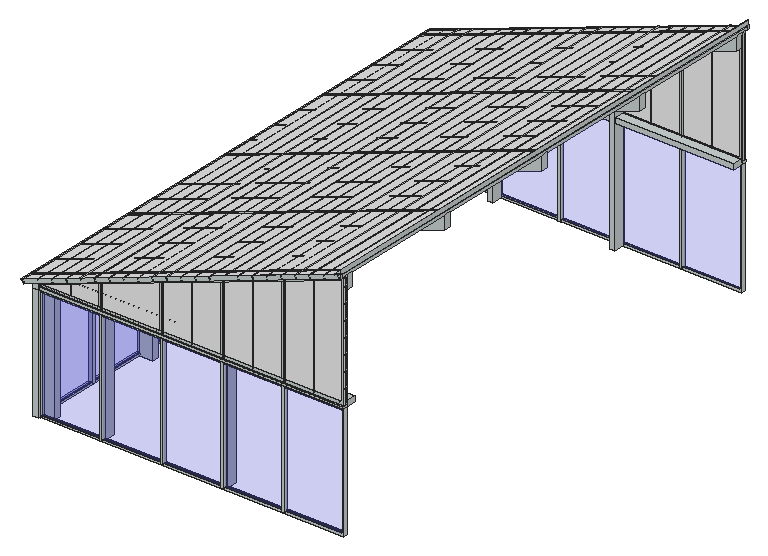
Revit family "Lean-To Shed Enclosure", category Generic Models, Revit 2018 (continued)
Definition of nested family "Lean-To Shed Enclosure Roof Panels"
  Forms (in)
    Sweep 8, solid, material <- "CRF"
      path origin (0, 0, 0) x (1, 0, 0) y (0, 1, 0)
        loop
          line (1976, -36) -> (1976, 1080) -> (1200, 1080) -> (1200, -36) -> (1104, -36) -> (1104, 1080) -> (1008, 1080) -> (1008, -36) -> (912, -36) -> (912, 1080) -> (816, 1080) -> (816, -36) -> (720, -36) -> (720, 1080) -> (624, 1080) -> (624, -36) -> (528, -36) -> (528, 1080) -> (432, 1080) -> (432, -36) -> (336, -36) -> (336, 1080) -> (240, 1080) -> (240, -36) -> (144, -36) -> (144, 1080) -> (48, 1080) -> (48, -36) -> (-48, -36) -> (-48, 1080) -> (-144, 1080) -> (-144, -36) -> (-240, -36) -> (-240, 1080) -> (-336, 1080) -> (-336, -36) -> (-432, -36) -> (-432, 1080) -> (-528, 1080) -> (-528, -36) -> (-624, -36) -> (-624, 1080) -> (-720, 1080) -> (-720, -36) -> (-816, -36) -> (-816, 1080) -> (-912, 1080) -> (-912, -36) -> (-1008, -36) -> (-1008, 1080) -> (-1104, 1080) -> (-1104, -36) -> (-1200, -36) -> (-1200, 1080) -> (-1976, 1080) -> (-1976, -36)
      profile origin (-1976, 522, 0) x (1, 0, 0) y (0, 0, 1)
        loop
          line (-1, 2.876) -> (-1, -0.125) -> (1, -0.125) -> (1, 2.876) -> (-1, 2.876)
    Extrusion 9, solid, material <- "CRF"
      sketch origin (0, 0, 0) x (0, 1, 0) y (0, 0, 1)
        loop
          line (0, 2.688) -> (-1.75, 2.688) -> (-1.75, 2.563) -> (-0.125, 2.563) -> (-0.125, -0.125) -> (0.5, -0.125) -> (0.5, 0) -> (0, 0) -> (0, 2.688)
      from -1976 to 1976
  Cuts and joins
    Extrusion 5, Extrusion 6 cuts Sweep 4
    Extrusion 5, Extrusion 6 cuts Sweep 3
    Extrusion 5 cuts Extrusion 2
    Extrusion 5, Extrusion 6 cuts Extrusion 1
    Extrusion 5 cuts Sweep 7
    Extrusion 5, Extrusion 6 cuts Sweep 8
    Extrusion 5 cuts Extrusion 9
  Lines and regions (in)
    reference lines
      curve 1: line (-100, 0, 0) -> (-100, 318, 0)
      curve 2: line (100, 0, 0) -> (100, 456, 0)
  Dimensions and locks (in)
    locked: plane 1 "Center (Front/Back)" to curve 1
    locked: plane 4 "Left Panel" to curve 1
    locked: plane 5 "Right Panel" to curve 2
    locked: plane 1 "Center (Front/Back)" to curve 2 at 0
    "Panel Skin Thickness": plane 6 to plane 2
    "IBeam Thickness": plane 7 to plane 6
    "Panel Skin Thickness": plane 8 to plane 7
    "Half Horizontal PD": plane 4 "Left Panel" to plane 3 "Center (Left/Right)"
    "Half Horizontal PD": plane 3 "Center (Left/Right)" to plane 5 "Right Panel"
    "Overlap Width": plane 1 "Center (Front/Back)" to plane 9
    locked: plane 10 "Left Outside" to plane 3 "Center (Left/Right)" at 2000
    locked: plane 3 "Center (Left/Right)" to plane 11 "Right Outside" at 2000
    "Half IBeam Width": plane 1 "Center (Front/Back)" to plane 12
    locked: plane 1 "Center (Front/Back)" to plane 13 "Max Top PD" at 1080
    equal spacing: Sweep 3 sketch curve, profile plane, Sweep 3 sketch curve
    "IBeam Width": Sweep 3 sketch curve to Sweep 3 sketch curve
    "IBeam Width": Sweep 4 sketch curve to Sweep 4 sketch curve
    equal spacing: Sweep 4 sketch curve, plane 12, Sweep 4 sketch curve
    "Batten Thickness": plane 60 to plane 8
    "Batten Thickness": plane 2 to plane 61
    locked: plane 62 "Bot Max" to plane 1 "Center (Front/Back)" at 36
    locked: plane 63 "Bot Outside" to plane 1 "Center (Front/Back)" at 48
    "Vertical Grid Spacing": plane 102 to plane 101 to plane 100 to plane 99 to plane 98 to plane 97 to plane 96 to plane 95 to plane 94 to plane 93 to plane 92 to plane 91 to plane 90 to plane 89 to plane 88 to plane 87 to plane 86 to plane 85 to plane 84 to plane 83 to plane 82 to plane 81 to plane 80 to plane 79 to plane 78 to plane 77 to plane 76 to plane 75 to plane 74 to plane 73 to plane 72 to plane 71 to plane 70 to plane 69 to plane 68 to plane 59 to plane 58 to plane 57 to plane 56 to plane 55 to plane 54 to plane 53 to plane 52 to plane 51 to plane 12
    "Overlap Offset": Sweep 7 sketch curve to plane 55
    "Overlap Offset": plane 68 to Sweep 7 sketch curve
    "Overlap Offset": plane 73 to Sweep 7 sketch curve
    "Overlap Offset": plane 78 to Sweep 7 sketch curve
    "Overlap Offset": plane 83 to Sweep 7 sketch curve
    "Overlap Offset": Sweep 7 sketch curve to plane 88
    "Overlap Offset": plane 93 to Sweep 7 sketch curve
    "Overlap Offset": Sweep 7 sketch curve to plane 98
    "Overlap Offset": plane 13 "Max Top PD" to Sweep 7 sketch curve
    equal spacing: Sweep 7 sketch curve, profile plane, Sweep 7 sketch curve
    "Overlap Width": Sweep 7 sketch curve to Sweep 7 sketch curve
    locked: plane 10 "Left Outside" to plane 14 "Max Left PD" at 24
    locked: plane 15 "Max Right PD" to plane 11 "Right Outside" at 24
    locked: plane 16 "Top Outside" to plane 13 "Max Top PD" at 24
    "Vertical Grid Spacing": plane 102 to plane 127 to plane 128 to plane 129 to plane 130 to plane 131 to plane 132 to plane 133 to plane 134 to plane 135 to plane 136 to plane 137 to plane 140 to plane 138 to plane 139 to plane 141 to plane 142 to plane 144 to plane 143 to plane 146 to plane 145 to plane 147
    "Vertical Grid Spacing": plane 147 to plane 149 to plane 148 to plane 150 to plane 151 to plane 152 to plane 153 to plane 154 to plane 155 to plane 156 to plane 157 to plane 158 to plane 162 to plane 159 to plane 160 to plane 161
    "Overlap Offset": Sweep 7 sketch curve to plane 127
    "Overlap Offset": plane 132 to Sweep 7 sketch curve
    "Overlap Offset": Sweep 7 sketch curve to plane 137
    "Overlap Offset": Sweep 7 sketch curve to plane 142
    "Overlap Offset": Sweep 7 sketch curve to plane 147
    "Overlap Offset": Sweep 7 sketch curve to plane 152
    "Overlap Offset": plane 157 to Sweep 7 sketch curve
    "Overlap Offset": Sweep 7 sketch curve to plane 161
    "Vertical PD": plane 203 to plane 12
    "Batten Offset": plane 216 to plane 3 "Center (Left/Right)"
    "Bay Spacing": plane 204 to plane 205 to plane 206 to plane 207 to plane 208 to plane 209 to plane 210 to plane 211 to plane 212 to plane 213 to plane 214 to plane 215 to plane 216
    "Bay Spacing": plane 216 to plane 217 to plane 218 to plane 219 to plane 220 to plane 221 to plane 222 to plane 223 to plane 224 to plane 225 to plane 226 to plane 227 to plane 228
    equal spacing: Sweep 8 sketch curve, profile plane, Sweep 8 sketch curve
    "Batten Width": Sweep 8 sketch curve to Sweep 8 sketch curve
    "Bay Spacing": plane 228 to plane 229
    locked: Extrusion 9 sketch curve to Extrusion 9 sketch curve at 0.125  (x3)
    locked: Extrusion 9 sketch curve to Extrusion 9 sketch curve at 0.5
    "Grid Offset": plane 230 to plane 3 "Center (Left/Right)"
    "Horizontal Grid Spacing": plane 199 to plane 198 to plane 197 to plane 192 to plane 191 to plane 190 to plane 189 to plane 184 to plane 183 to plane 182 to plane 181 to plane 171 to plane 170 to plane 169 to plane 168 to plane 167 to plane 166 to plane 165 to plane 164 to plane 163 to plane 114 to plane 113 to plane 112 to plane 111 to plane 110 to plane 109 to plane 108 to plane 107 to plane 106 to plane 105 to plane 104 to plane 103 to plane 65 to plane 64 to plane 43 to plane 42 to plane 41 to plane 40 to plane 39 to plane 38 to plane 37 to plane 35 to plane 34 to plane 24 to plane 23 to plane 22 to plane 21 to plane 20 to plane 19 to plane 18 to plane 17 to plane 230
    "Horizontal Grid Spacing": plane 230 to plane 25 to plane 26 to plane 27 to plane 28 to plane 29 to plane 30 to plane 31 to plane 32 to plane 33 to plane 36 to plane 44 to plane 45 to plane 46 to plane 47 to plane 48 to plane 49 to plane 50 to plane 66 to plane 67 to plane 115 to plane 116 to plane 118 to plane 117 to plane 119 to plane 120 to plane 122 to plane 121 to plane 123 to plane 124 to plane 125 to plane 126 to plane 172 to plane 173 to plane 174 to plane 175 to plane 176 to plane 177 to plane 178 to plane 179 to plane 180 to plane 185 to plane 186 to plane 187 to plane 188 to plane 193 to plane 194 to plane 195 to plane 196 to plane 201 to plane 200 to plane 202
    "Panel Angle": angle plane 1 "Center (Front/Back)" to curve 1
    "Panel Angle": angle curve 2 to plane 1 "Center (Front/Back)"
    aligned and locked: level to plane 2
    aligned and locked: Extrusion 1 sketch curve to plane 1 "Center (Front/Back)"
    aligned and locked: plane 2 to Extrusion 1
    aligned and locked: Extrusion 1 to plane 6
    aligned and locked: Extrusion 2 sketch curve to plane 9
    aligned and locked: Extrusion 2 to plane 7
    aligned and locked: Extrusion 2 to plane 8
    aligned and locked: Sweep 3 sketch curve to plane 14 "Max Left PD"
    aligned and locked: Sweep 3 sketch curve to plane 13 "Max Top PD"  (x42)
    aligned and locked: Sweep 3 sketch curve to plane 42
    aligned and locked: Sweep 3 sketch curve to plane 41
    aligned and locked: Sweep 3 sketch curve to plane 40
    aligned and locked: Sweep 3 sketch curve to plane 39
    aligned and locked: Sweep 3 sketch curve to plane 38
    aligned and locked: Sweep 3 sketch curve to plane 37
    aligned and locked: Sweep 3 sketch curve to plane 35
    aligned and locked: Sweep 3 sketch curve to plane 34
    aligned and locked: Sweep 3 sketch curve to plane 24
    aligned and locked: Sweep 3 sketch curve to plane 23
    aligned and locked: Sweep 3 sketch curve to plane 22
    aligned and locked: Sweep 3 sketch curve to plane 21
    aligned and locked: Sweep 3 sketch curve to plane 20
    aligned and locked: Sweep 3 sketch curve to plane 19
    aligned and locked: Sweep 3 sketch curve to plane 18
    aligned and locked: Sweep 3 sketch curve to plane 17
    aligned and locked: Sweep 3 sketch curve to plane 25
    aligned and locked: Sweep 3 sketch curve to plane 26
    aligned and locked: Sweep 3 sketch curve to plane 27
    aligned and locked: Sweep 3 sketch curve to plane 28
    aligned and locked: Sweep 3 sketch curve to plane 29
    aligned and locked: Sweep 3 sketch curve to plane 30
    aligned and locked: Sweep 3 sketch curve to plane 31
    aligned and locked: Sweep 3 sketch curve to plane 32
    aligned and locked: Sweep 3 sketch curve to plane 33
    aligned and locked: Sweep 3 sketch curve to plane 36
    aligned and locked: Sweep 3 sketch curve to plane 44
    aligned and locked: Sweep 3 sketch curve to plane 45
    aligned and locked: Sweep 3 sketch curve to plane 46
    aligned and locked: Sweep 3 sketch curve to plane 47
    aligned and locked: Sweep 3 sketch curve to plane 48
    aligned and locked: Sweep 3 sketch curve to plane 49
    aligned and locked: Sweep 3 sketch curve to plane 50
    aligned and locked: Sweep 3 sketch curve to plane 12  (x42)
    aligned and locked: plane 12 to Sweep 3 sketch curve  (x11)
    aligned and locked: Sweep 3 sketch curve to plane 7
    aligned and locked: plane 6 to Sweep 3 sketch curve
    aligned and locked: Extrusion 2 sketch curve to plane 15 "Max Right PD"
    aligned and locked: plane 14 "Max Left PD" to Extrusion 2 sketch curve
    aligned and locked: Extrusion 2 sketch curve to plane 13 "Max Top PD"
    aligned and locked: plane 13 "Max Top PD" to Extrusion 1 sketch curve
    aligned and locked: Extrusion 1 sketch curve to plane 14 "Max Left PD"
    aligned and locked: Extrusion 1 sketch curve to plane 15 "Max Right PD"
    aligned and locked: Sweep 4 sketch curve to plane 12
    aligned and locked: Sweep 4 sketch curve to plane 51
    aligned and locked: Sweep 4 sketch curve to plane 52
    aligned and locked: Sweep 4 sketch curve to plane 53
    aligned and locked: Sweep 4 sketch curve to plane 54
    aligned and locked: Sweep 4 sketch curve to plane 55
    aligned and locked: Sweep 4 sketch curve to plane 56
    aligned and locked: Sweep 4 sketch curve to plane 57
    aligned and locked: Sweep 4 sketch curve to plane 58
    aligned and locked: Sweep 4 sketch curve to plane 59
    aligned and locked: Sweep 4 sketch curve to plane 13 "Max Top PD"
    aligned and locked: plane 15 "Max Right PD" to Sweep 4 sketch curve
    aligned and locked: plane 14 "Max Left PD" to Sweep 4 sketch curve  (x41)
    aligned and locked: Sweep 4 sketch curve to plane 15 "Max Right PD"  (x41)
    aligned and locked: plane 6 to Sweep 4 sketch curve
    aligned and locked: Sweep 4 sketch curve to plane 7
    aligned and locked: Extrusion 5 sketch curve to plane 16 "Top Outside"
    aligned and locked: plane 9 to Extrusion 5 sketch curve
    aligned and locked: Extrusion 5 sketch curve to plane 9
    aligned and locked: Extrusion 5 sketch curve to curve 1
    aligned and locked: Extrusion 5 sketch curve to curve 2
    aligned and locked: Extrusion 5 sketch curve to plane 11 "Right Outside"
    aligned and locked: plane 10 "Left Outside" to Extrusion 5 sketch curve
    aligned and locked: Extrusion 5 to plane 61
    aligned and locked: Extrusion 5 to plane 60
    aligned and locked: Extrusion 6 sketch curve to plane 1 "Center (Front/Back)"
    aligned and locked: plane 11 "Right Outside" to Extrusion 6 sketch curve
    aligned and locked: Extrusion 6 sketch curve to plane 10 "Left Outside"
    aligned and locked: Extrusion 6 sketch curve to plane 63 "Bot Outside"
    aligned and locked: plane 61 to Extrusion 6
    aligned and locked: plane 60 to Extrusion 6
    aligned and locked: Sweep 3 sketch curve to plane 65
    aligned and locked: Sweep 3 sketch curve to plane 64
    aligned and locked: Sweep 3 sketch curve to plane 43
    aligned and locked: Sweep 3 sketch curve to plane 66
    aligned and locked: Sweep 3 sketch curve to plane 67
    aligned and locked: Sweep 3 sketch curve to plane 15 "Max Right PD"
    aligned and locked: plane 13 "Max Top PD" to Sweep 3 sketch curve  (x11)
    aligned and locked: Sweep 4 sketch curve to plane 68
    aligned and locked: Sweep 4 sketch curve to plane 69
    aligned and locked: Sweep 4 sketch curve to plane 70
    aligned and locked: Sweep 4 sketch curve to plane 71
    aligned and locked: Sweep 4 sketch curve to plane 72
    aligned and locked: Sweep 4 sketch curve to plane 73
    aligned and locked: Sweep 4 sketch curve to plane 74
    aligned and locked: Sweep 4 sketch curve to plane 75
    aligned and locked: Sweep 4 sketch curve to plane 76
    aligned and locked: Sweep 4 sketch curve to plane 77
    aligned and locked: Sweep 4 sketch curve to plane 78
    aligned and locked: Sweep 4 sketch curve to plane 79
    aligned and locked: Sweep 4 sketch curve to plane 80
    aligned and locked: Sweep 4 sketch curve to plane 81
    aligned and locked: Sweep 4 sketch curve to plane 82
    aligned and locked: Sweep 4 sketch curve to plane 83
    aligned and locked: Sweep 4 sketch curve to plane 84
    aligned and locked: Sweep 4 sketch curve to plane 85
    aligned and locked: Sweep 4 sketch curve to plane 86
    aligned and locked: Sweep 4 sketch curve to plane 87
    aligned and locked: Sweep 4 sketch curve to plane 88
    aligned and locked: Sweep 4 sketch curve to plane 89
    aligned and locked: Sweep 4 sketch curve to plane 90
    aligned and locked: Sweep 4 sketch curve to plane 91
    aligned and locked: Sweep 4 sketch curve to plane 92
    aligned and locked: Sweep 4 sketch curve to plane 93
    aligned and locked: Sweep 4 sketch curve to plane 94
    aligned and locked: Sweep 4 sketch curve to plane 95
    aligned and locked: Sweep 4 sketch curve to plane 96
    aligned and locked: Sweep 4 sketch curve to plane 97
    aligned and locked: Sweep 4 sketch curve to plane 98
    aligned and locked: Sweep 4 sketch curve to plane 99
    aligned and locked: Sweep 4 sketch curve to plane 100
    aligned and locked: Sweep 4 sketch curve to plane 101
    aligned and locked: Sweep 4 sketch curve to plane 102
    aligned and locked: plane 14 "Max Left PD" to Sweep 7 sketch curve  (x9)
    aligned and locked: Sweep 7 sketch curve to plane 15 "Max Right PD"  (x9)
    aligned and locked: Sweep 7 sketch curve to plane 7
    aligned and locked: Sweep 7 sketch curve to plane 61
    aligned and locked: Sweep 3 sketch curve to plane 103
    aligned and locked: Sweep 3 sketch curve to plane 104
    aligned and locked: Sweep 3 sketch curve to plane 105
    aligned and locked: Sweep 3 sketch curve to plane 106
    aligned and locked: Sweep 3 sketch curve to plane 107
    aligned and locked: Sweep 3 sketch curve to plane 108
    aligned and locked: Sweep 3 sketch curve to plane 109
    aligned and locked: Sweep 3 sketch curve to plane 110
    aligned and locked: Sweep 3 sketch curve to plane 111
    aligned and locked: Sweep 3 sketch curve to plane 112
    aligned and locked: Sweep 3 sketch curve to plane 113
    aligned and locked: Sweep 3 sketch curve to plane 114
    aligned and locked: Sweep 3 sketch curve to plane 115
    aligned and locked: Sweep 3 sketch curve to plane 116
    aligned and locked: Sweep 3 sketch curve to plane 118
    aligned and locked: Sweep 3 sketch curve to plane 117
    aligned and locked: Sweep 3 sketch curve to plane 119
    aligned and locked: Sweep 3 sketch curve to plane 120
    aligned and locked: Sweep 3 sketch curve to plane 122
    aligned and locked: Sweep 3 sketch curve to plane 121
    aligned and locked: Sweep 3 sketch curve to plane 123
    aligned and locked: Sweep 3 sketch curve to plane 124
    aligned and locked: Sweep 3 sketch curve to plane 125
    aligned and locked: Sweep 3 sketch curve to plane 126
    aligned and locked: Sweep 4 sketch curve to plane 127
    aligned and locked: Sweep 4 sketch curve to plane 128
    aligned and locked: Sweep 4 sketch curve to plane 129
    aligned and locked: Sweep 4 sketch curve to plane 130
    aligned and locked: Sweep 4 sketch curve to plane 131
    aligned and locked: Sweep 4 sketch curve to plane 132
    aligned and locked: Sweep 4 sketch curve to plane 133
    aligned and locked: Sweep 4 sketch curve to plane 134
    aligned and locked: Sweep 4 sketch curve to plane 135
    aligned and locked: Sweep 4 sketch curve to plane 136
    aligned and locked: Sweep 4 sketch curve to plane 137
    aligned and locked: Sweep 4 sketch curve to plane 140
    aligned and locked: Sweep 4 sketch curve to plane 138
    aligned and locked: Sweep 4 sketch curve to plane 139
    aligned and locked: Sweep 4 sketch curve to plane 141
    aligned and locked: Sweep 4 sketch curve to plane 142
    aligned and locked: Sweep 4 sketch curve to plane 144
    aligned and locked: Sweep 4 sketch curve to plane 143
    aligned and locked: Sweep 4 sketch curve to plane 146
    aligned and locked: Sweep 4 sketch curve to plane 145
    aligned and locked: Sweep 4 sketch curve to plane 147
    aligned and locked: Sweep 4 sketch curve to plane 149
    aligned and locked: Sweep 4 sketch curve to plane 148
    aligned and locked: Sweep 4 sketch curve to plane 150
    aligned and locked: Sweep 4 sketch curve to plane 151
    aligned and locked: Sweep 4 sketch curve to plane 152
    aligned and locked: Sweep 4 sketch curve to plane 153
    aligned and locked: Sweep 4 sketch curve to plane 154
    aligned and locked: Sweep 4 sketch curve to plane 155
    aligned and locked: Sweep 4 sketch curve to plane 156
    aligned and locked: Sweep 4 sketch curve to plane 157
    aligned and locked: Sweep 4 sketch curve to plane 158
    aligned and locked: Sweep 4 sketch curve to plane 162
    aligned and locked: Sweep 4 sketch curve to plane 159
    aligned and locked: Sweep 4 sketch curve to plane 160
    aligned and locked: Sweep 4 sketch curve to plane 161
    aligned and locked: Sweep 3 sketch curve to plane 163
    aligned and locked: Sweep 3 sketch curve to plane 164
    aligned and locked: Sweep 3 sketch curve to plane 165
    aligned and locked: Sweep 3 sketch curve to plane 166
    aligned and locked: Sweep 3 sketch curve to plane 167
    aligned and locked: Sweep 3 sketch curve to plane 168
    aligned and locked: Sweep 3 sketch curve to plane 169
    aligned and locked: Sweep 3 sketch curve to plane 170
    aligned and locked: Sweep 3 sketch curve to plane 171
    aligned and locked: Sweep 3 sketch curve to plane 181
    aligned and locked: Sweep 3 sketch curve to plane 182
    aligned and locked: Sweep 3 sketch curve to plane 183
    aligned and locked: Sweep 3 sketch curve to plane 189
    aligned and locked: Sweep 3 sketch curve to plane 190
    aligned and locked: Sweep 3 sketch curve to plane 191
    aligned and locked: Sweep 3 sketch curve to plane 192
    aligned and locked: Sweep 3 sketch curve to plane 197
    aligned and locked: Sweep 3 sketch curve to plane 198
    aligned and locked: Sweep 3 sketch curve to plane 199
    aligned and locked: Sweep 3 sketch curve to plane 184
    aligned and locked: Sweep 3 sketch curve to plane 172
    aligned and locked: Sweep 3 sketch curve to plane 173
    aligned and locked: Sweep 3 sketch curve to plane 174
    aligned and locked: Sweep 3 sketch curve to plane 175
    aligned and locked: Sweep 3 sketch curve to plane 176
    aligned and locked: Sweep 3 sketch curve to plane 177
    aligned and locked: Sweep 3 sketch curve to plane 178
    aligned and locked: Sweep 3 sketch curve to plane 179
    aligned and locked: Sweep 3 sketch curve to plane 180
    aligned and locked: Sweep 3 sketch curve to plane 185
    aligned and locked: Sweep 3 sketch curve to plane 186
    aligned and locked: Sweep 3 sketch curve to plane 187
    aligned and locked: Sweep 3 sketch curve to plane 188
    aligned and locked: Sweep 3 sketch curve to plane 193
    aligned and locked: Sweep 3 sketch curve to plane 194
    aligned and locked: Sweep 3 sketch curve to plane 195
    aligned and locked: Sweep 3 sketch curve to plane 196
    aligned and locked: Sweep 3 sketch curve to plane 201
    aligned and locked: Sweep 3 sketch curve to plane 200
    aligned and locked: Sweep 3 sketch curve to plane 202
    aligned and locked: Extrusion 5 sketch curve to plane 203
    aligned and locked: Sweep 8 sketch curve to plane 14 "Max Left PD"
    aligned and locked: Sweep 8 sketch curve to plane 204
    aligned and locked: Sweep 8 sketch curve to plane 205
    aligned and locked: Sweep 8 sketch curve to plane 206
    aligned and locked: Sweep 8 sketch curve to plane 207
    aligned and locked: Sweep 8 sketch curve to plane 208
    aligned and locked: Sweep 8 sketch curve to plane 209
    aligned and locked: Sweep 8 sketch curve to plane 210
    aligned and locked: Sweep 8 sketch curve to plane 211
    aligned and locked: Sweep 8 sketch curve to plane 62 "Bot Max"  (x10)
    aligned and locked: Sweep 8 sketch curve to plane 13 "Max Top PD"  (x14)
    aligned and locked: Sweep 8 sketch curve to plane 60
    aligned and locked: plane 61 to Sweep 8 sketch curve
    aligned and locked: Sweep 8 sketch curve to plane 212
    aligned and locked: Sweep 8 sketch curve to plane 213
    aligned and locked: Sweep 8 sketch curve to plane 214
    aligned and locked: Sweep 8 sketch curve to plane 215
    aligned and locked: Sweep 8 sketch curve to plane 216
    aligned and locked: Sweep 8 sketch curve to plane 217
    aligned and locked: Sweep 8 sketch curve to plane 218
    aligned and locked: Sweep 8 sketch curve to plane 219
    aligned and locked: Sweep 8 sketch curve to plane 220
    aligned and locked: Sweep 8 sketch curve to plane 221
    aligned and locked: Sweep 8 sketch curve to plane 222
    aligned and locked: Sweep 8 sketch curve to plane 223
    aligned and locked: plane 62 "Bot Max" to Sweep 8 sketch curve  (x5)
    aligned and locked: Sweep 8 sketch curve to plane 224
    aligned and locked: Sweep 8 sketch curve to plane 225
    aligned and locked: Sweep 8 sketch curve to plane 226
    aligned and locked: Sweep 8 sketch curve to plane 227
    aligned and locked: Sweep 8 sketch curve to plane 228
    aligned and locked: Sweep 8 sketch curve to plane 15 "Max Right PD"
    aligned and locked: Sweep 8 sketch curve to plane 229
    aligned and locked: Extrusion 9 sketch curve to plane 1 "Center (Front/Back)"
    aligned and locked: plane 2 to Extrusion 9 sketch curve
    aligned and locked: Extrusion 9 sketch curve to plane 9
    aligned and locked: plane 7 to Extrusion 9 sketch curve
    aligned and locked: Extrusion 9 to plane 14 "Max Left PD"
    aligned and locked: Extrusion 9 to plane 15 "Max Right PD"
    aligned and locked: Sweep 3 sketch curve to plane 230
  Automatic sketch dimensions
    Sweep 3 sketch curve to plane 112 = 0' - 0"
Definition of nested family "Lean-To Shed Enclosure Edge Cap"
  Parameters (values of type "Lean-To Shed Enclosure Edge Cap")
    Vertical Offset [instance] = 8' - 0"
    Thickness [instance] = 0' - 0 1/8"
    Span [instance] = 8' - 4"
    Roof Pitch [instance] = 20.00°
    Panel Offset [instance] = 0' 10" / cos(Roof Pitch) + 0' 0 1/8"  # 0' - 10.76678"
    Panel Depth [instance] = 0' - 2 3/4"
    OTOBB Span [instance] = 12' - 6"
    Length [instance] = 16' - 8"
    Leg Length [instance] = 0' - 0 1/2"
    Fake OCD Span [instance] = (Span - 0' 4") * 2  # 16' - 0"
    CRF [instance] = none
  Reference planes (in)
    plane 1 "Center (Front/Back)": y = 0
    plane 2: z = 0
    plane 3 "Center (Left/Right)": x = 0
    plane 4: x = -150
    plane 5: x = 150
    plane 6: y = -100
    plane 7: y = 100
    plane 8: z = 96
    plane 9: z = 3976
    plane 10: y = 100.125
    plane 11: y = -100.125
    plane 12: y = -99.5
    plane 13: y = 99.5
  Forms (in)
    Extrusion 1, solid, material <- "CRF"
      sketch origin (0, 0, 0) x (1, 0, 0) y (0, 0, 1)
        loop
          line (-161.10077, 95.01916) -> (-160.07471, 92.20008) -> (0, 150.46251) -> (0, 153.65505) -> (-161.10077, 95.01916)
      from -100.125 to 100.125
    Extrusion 2, void
      sketch origin (0, 0, 0) x (1, 0, 0) y (0, 0, 1)
        loop
          line (-160.07471, 92.20008) -> (0, 150.46251) -> (0, 153.65505) -> (-161.10077, 95.01916) -> (-160.07471, 92.20008)
      from -99.5 to 99.5
  Cuts and joins
    Extrusion 2 cuts Extrusion 1
  Lines and regions (in)
    reference lines
      curve 1: line (-150, 0, 96) -> (60.55926, 0, 172.6373)
      curve 2: line (-150, 0, 96) -> (-230.03271, 0, 315.88807)
      curve 3: line (-106.44542, 0, -55.14517) -> (-194.68662, 0, 187.29553)
      curve 4: line (-279.02535, 0, 51.9651) -> (161.69049, 0, 212.37255)
      curve 5: line (-234.23934, 0, 65.20637) -> (49.54783, 0, 168.49645)
      curve 6: line (-220.9618, 0, 73.23153) -> (427.42611, 0, 309.22543)
  Dimensions and locks (in)
    equal spacing: plane 7, plane 1 "Center (Front/Back)", plane 6
    "Length": plane 7 to plane 6
    "Vertical Offset": plane 8 to plane 2
    locked: curve 1 to plane 8
    locked: curve 1 to plane 4
    "Panel Offset": curve 2 to curve 3
    "Panel Depth": curve 1 to curve 4
    equal spacing: plane 5, plane 3 "Center (Left/Right)", plane 4
    "OTOBB Span": plane 4 to plane 3 "Center (Left/Right)"
    "Thickness": curve 5 to curve 1
    "Thickness": curve 4 to curve 6
    "Thickness": plane 10 to plane 7
    "Leg Length": plane 7 to plane 13
    "Leg Length": plane 12 to plane 6
    "Thickness": plane 6 to plane 11
    "Roof Pitch": angle plane 8 to curve 1
    "Roof Pitch": angle plane 4 to curve 2
    "Roof Pitch": angle plane 4 to curve 3
    "Roof Pitch": angle plane 8 to curve 4
    "Roof Pitch": angle plane 8 to curve 5
    "Roof Pitch": angle plane 8 to curve 6
    aligned and locked: level to plane 2
    aligned and locked: Extrusion 1 sketch curve to curve 5
    aligned and locked: curve 3 to Extrusion 1 sketch curve
    aligned and locked: curve 6 to Extrusion 1 sketch curve
    aligned and locked: Extrusion 1 sketch curve to plane 3 "Center (Left/Right)"
    aligned and locked: curve 5 to Extrusion 2 sketch curve
    aligned and locked: Extrusion 2 sketch curve to curve 3
    aligned and locked: Extrusion 2 sketch curve to curve 6
    aligned and locked: plane 3 "Center (Left/Right)" to Extrusion 2 sketch curve
    aligned and locked: plane 10 to Extrusion 1
    aligned and locked: plane 11 to Extrusion 1
    aligned and locked: plane 13 to Extrusion 2
    aligned and locked: Extrusion 2 to plane 12
  Automatic sketch dimensions
    plane 4 to curve 3 = 3' - 8.68662"
    curve 6 to plane 8 = 1' - 10.76847"
    curve 5 to plane 8 = 2' - 6.79363"
    curve 4 to plane 8 = 3' - 8.0349"
Definition of nested family "Lean-To Shed Enclosure Gable Panels"
  Parameters (values of type "Lean-To Shed Enclosure Gable Panels")
    Vertical Grid Spacing [instance] = 1' - 0"  # constant formula
    Panel Skin Thickness [instance] = 0' - 0.063"  # constant formula
    Roof Pitch [instance] = 20.00°
    Overlap Width [instance] = 0' - 1 3/4"  # constant formula
    Overlap Offset [instance] = Overlap Width / 2  # 0' - 0 7/8"
    IBeam Width [instance] = 0' - 0 1/2"  # constant formula
    IBeam Thickness [instance] = 0' - 2 5/8"  # constant formula
    Horizontal PD [instance] = 50' - 0"
    Horizontal Grid Spacing [instance] = Bay Spacing / 4  # 2' - 0"
    Half IBeam Width [instance] = IBeam Width / 2  # 0' - 0 1/4"
    Half Horizontal PD [instance] = Horizontal PD / 2  # 25' - 0"
    Default Elevation = 4' - 0"
    Cope Height [instance] = 0' - 6"
    CRF [instance] = none
    Bay Spacing [instance] = 8' - 0"
    Batten Width [instance] = 0' - 2"  # constant formula
    Batten Thickness [instance] = 0' - 0 1/8"  # constant formula
  Reference planes (in)
    plane 1 "Center (Front/Back)": y = 0
    plane 2: z = 0
    plane 3 "Center (Left/Right)": x = 0
    plane 4 "Left Panel": x = 120
    plane 5 "Right Panel": x = 720
    plane 6: z = 0.063
    plane 7: z = 2.688
    plane 8: z = 2.751
    plane 9: y = -1.75
    plane 10 "Left Outside": x = -1100
    plane 11 "Right Outside": x = 1100
    plane 12: y = 0.25
    plane 13 "Max Top PD": y = 1080
    plane 14 "Max Left PD": x = -1076
    plane 15 "Max Right PD": x = 1076
    plane 16 "Top Outside": y = 1104
    plane 17: x = -24
    plane 18: x = -48
    plane 19: x = -72
    plane 20: x = -96
    plane 21: x = -120
    plane 22: x = -144
    plane 23: x = -168
    plane 24: x = -192
    plane 25: x = 24
    plane 26: x = 48
    plane 27: x = 72
    plane 28: x = 96
    plane 29: x = 120
    plane 30: x = 144
    plane 31: x = 168
    plane 32: x = 192
    plane 33: x = 216
    plane 34: x = -216
    plane 35: x = -240
    plane 36: x = 240
    plane 37: x = -264
    plane 38: x = -288
    plane 39: x = -312
    plane 40: x = -336
    plane 41: x = -360
    plane 42: x = -384
    plane 43: x = -408
    plane 44: x = 264
    plane 45: x = 288
    plane 46: x = 312
    plane 47: x = 336
    plane 48: x = 360
    plane 49: x = 384
    plane 50: x = 408
    plane 51: y = 12.25
    plane 52: y = 24.25
    plane 53: y = 36.25
    plane 54: y = 48.25
    plane 55: y = 60.25
    plane 56: y = 72.25
    plane 57: y = 84.25
    plane 58: y = 96.25
    plane 59: y = 108.25
    plane 60: z = 2.876
    plane 61: z = -0.125
    plane 62 "Bot Max": y = -36
    plane 63 "Bot Outside": y = -48
    plane 64: x = -432
    plane 65: x = -456
    plane 66: x = 432
    plane 67: x = 456
    plane 68: y = 120.25
    plane 69: y = 132.25
    plane 70: y = 144.25
    plane 71: y = 156.25
    plane 72: y = 168.25
    plane 73: y = 180.25
    plane 74: y = 192.25
    plane 75: y = 204.25
    plane 76: y = 216.25
    plane 77: y = 228.25
    plane 78: y = 240.25
    plane 79: y = 252.25
    plane 80: y = 264.25
    plane 81: y = 276.25
    plane 82: y = 288.25
    plane 83: y = 300.25
    plane 84: y = 312.25
    plane 85: y = 324.25
    plane 86: y = 336.25
    plane 87: y = 348.25
    plane 88: y = 360.25
    plane 89: y = 372.25
    plane 90: y = 384.25
    plane 91: y = 396.25
    plane 92: y = 408.25
    plane 93: y = 420.25
    plane 94: y = 432.25
    plane 95: y = 444.25
    plane 96: y = 456.25
    plane 97: y = 468.25
    plane 98: y = 480.25
    plane 99: y = 492.25
    plane 100: y = 504.25
    plane 101: y = 516.25
    plane 102: y = 528.25
    plane 103: x = -480
    plane 104: x = -504
    plane 105: x = -528
    plane 106: x = -552
    plane 107: x = -576
    plane 108: x = -600
    plane 109: x = -624
    plane 110: x = -648
    plane 111: x = -672
    plane 112: x = -696
    plane 113: x = -720
    plane 114: x = -744
    plane 115: x = 480
    plane 116: x = 504
    plane 117: x = 552
    plane 118: x = 528
    plane 119: x = 576
    plane 120: x = 600
    plane 121: x = 648
    plane 122: x = 624
    plane 123: x = 672
    plane 124: x = 696
    plane 125: x = 720
    plane 126: x = 744
    plane 127: y = 540.25
    plane 128: y = 552.25
    plane 129: y = 564.25
    plane 130: y = 576.25
    plane 131: y = 588.25
    plane 132: y = 600.25
    plane 133: y = 612.25
    plane 134: y = 624.25
    plane 135: y = 636.25
    plane 136: y = 648.25
    plane 137: y = 660.25
    plane 138: y = 684.25
    plane 139: y = 696.25
    plane 140: y = 672.25
    plane 141: y = 708.25
    plane 142: y = 720.25
    plane 143: y = 744.25
    plane 144: y = 732.25
    plane 145: y = 768.25
    plane 146: y = 756.25
    plane 147: y = 780.25
    plane 148: y = 804.25
    plane 149: y = 792.25
    plane 150: y = 816.25
    plane 151: y = 828.25
    plane 152: y = 840.25
    plane 153: y = 852.25
    plane 154: y = 864.25
    plane 155: y = 876.25
    plane 156: y = 888.25
    plane 157: y = 900.25
    plane 158: y = 912.25
    plane 159: y = 936.25
    plane 160: y = 948.25
    plane 161: y = 960.25
    plane 162: y = 924.25
  Forms (in)
    Extrusion 1, solid
      sketch origin (0, 0, 0) x (1, 0, 0) y (0, 1, 0)
        loop
          line (1076, 0) -> (1076, 1080) -> (-1076, 1080) -> (-1076, 0) -> (1076, 0)
      from 0.063 to 0
    Extrusion 2, solid
      sketch origin (0, 0, 0) x (1, 0, 0) y (0, 1, 0)
        loop
          line (1076, 0) -> (1076, 1080) -> (-1076, 1080) -> (-1076, 0) -> (1076, 0)
      from 2.688 to 2.751
    Sweep 3, solid
      path origin (0, 0, 0) x (1, 0, 0) y (0, 1, 0)
        loop
          line (1076, 1080) -> (1076, 0.25) -> (744, 0.25) -> (744, 1080) -> (720, 1080) -> (720, 0.25) -> (696, 0.25) -> (696, 1080) -> (672, 1080) -> (672, 0.25) -> (648, 0.25) -> (648, 1080) -> (624, 1080) -> (624, 0.25) -> (600, 0.25) -> (600, 1080) -> (576, 1080) -> (576, 0.25) -> (552, 0.25) -> (552, 1080) -> (528, 1080) -> (528, 0.25) -> (504, 0.25) -> (504, 1080) -> (480, 1080) -> (480, 0.25) -> (456, 0.25) -> (456, 1080) -> (432, 1080) -> (432, 0.25) -> (408, 0.25) -> (408, 1080) -> (384, 1080) -> (384, 0.25) -> (360, 0.25) -> (360, 1080) -> (336, 1080) -> (336, 0.25) -> (312, 0.25) -> (312, 1080) -> (288, 1080) -> (288, 0.25) -> (264, 0.25) -> (264, 1080) -> (240, 1080) -> (240, 0.25) -> (216, 0.25) -> (216, 1080) -> (192, 1080) -> (192, 0.25) -> (168, 0.25) -> (168, 1080) -> (144, 1080) -> (144, 0.25) -> (120, 0.25) -> (120, 1080) -> (96, 1080) -> (96, 0.25) -> (72, 0.25) -> (72, 1080) -> (48, 1080) -> (48, 0.25) -> (24, 0.25) -> (24, 1080) -> (0, 1080) -> (0, 0.25) -> (-24, 0.25) -> (-24, 1080) -> (-48, 1080) -> (-48, 0.25) -> (-72, 0.25) -> (-72, 1080) -> (-96, 1080) -> (-96, 0.25) -> (-120, 0.25) -> (-120, 1080) -> (-144, 1080) -> (-144, 0.25) -> (-168, 0.25) -> (-168, 1080) -> (-192, 1080) -> (-192, 0.25) -> (-216, 0.25) -> (-216, 1080) -> (-240, 1080) -> (-240, 0.25) -> (-264, 0.25) -> (-264, 1080) -> (-288, 1080) -> (-288, 0.25) -> (-312, 0.25) -> (-312, 1080) -> (-336, 1080) -> (-336, 0.25) -> (-360, 0.25) -> (-360, 1080) -> (-384, 1080) -> (-384, 0.25) -> (-408, 0.25) -> (-408, 1080) -> (-432, 1080) -> (-432, 0.25) -> (-456, 0.25) -> (-456, 1080) -> (-480, 1080) -> (-480, 0.25) -> (-504, 0.25) -> (-504, 1080) -> (-528, 1080) -> (-528, 0.25) -> (-552, 0.25) -> (-552, 1080) -> (-576, 1080) -> (-576, 0.25) -> (-600, 0.25) -> (-600, 1080) -> (-624, 1080) -> (-624, 0.25) -> (-648, 0.25) -> (-648, 1080) -> (-672, 1080) -> (-672, 0.25) -> (-696, 0.25) -> (-696, 1080) -> (-720, 1080) -> (-720, 0.25) -> (-744, 0.25) -> (-744, 1080) -> (-1076, 1080) -> (-1076, 0.25)
      profile origin (-1076, 540.125, 0) x (1, 0, 0) y (0, 0, 1)
        loop
          line (0.25, 0.063) -> (0.25, 2.688) -> (-0.25, 2.688) -> (-0.25, 0.063) -> (0.25, 0.063)
    Sweep 4, solid
      path origin (0, 0, 0) x (1, 0, 0) y (0, 1, 0)
        loop
          line (1076, 1080) -> (-1076, 1080) -> (-1076, 960.25) -> (1076, 960.25) -> (1076, 948.25) -> (-1076, 948.25) -> (-1076, 936.25) -> (1076, 936.25) -> (1076, 924.25) -> (-1076, 924.25) -> (-1076, 912.25) -> (1076, 912.25) -> (1076, 900.25) -> (-1076, 900.25) -> (-1076, 888.25) -> (1076, 888.25) -> (1076, 876.25) -> (-1076, 876.25) -> (-1076, 864.25) -> (1076, 864.25) -> (1076, 852.25) -> (-1076, 852.25) -> (-1076, 840.25) -> (1076, 840.25) -> (1076, 828.25) -> (-1076, 828.25) -> (-1076, 816.25) -> (1076, 816.25) -> (1076, 804.25) -> (-1076, 804.25) -> (-1076, 792.25) -> (1076, 792.25) -> (1076, 780.25) -> (-1076, 780.25) -> (-1076, 768.25) -> (1076, 768.25) -> (1076, 756.25) -> (-1076, 756.25) -> (-1076, 744.25) -> (1076, 744.25) -> (1076, 732.25) -> (-1076, 732.25) -> (-1076, 720.25) -> (1076, 720.25) -> (1076, 708.25) -> (-1076, 708.25) -> (-1076, 696.25) -> (1076, 696.25) -> (1076, 684.25) -> (-1076, 684.25) -> (-1076, 672.25) -> (1076, 672.25) -> (1076, 660.25) -> (-1076, 660.25) -> (-1076, 648.25) -> (1076, 648.25) -> (1076, 636.25) -> (-1076, 636.25) -> (-1076, 624.25) -> (1076, 624.25) -> (1076, 612.25) -> (-1076, 612.25) -> (-1076, 600.25) -> (1076, 600.25) -> (1076, 588.25) -> (-1076, 588.25) -> (-1076, 576.25) -> (1076, 576.25) -> (1076, 564.25) -> (-1076, 564.25) -> (-1076, 552.25) -> (1076, 552.25) -> (1076, 540.25) -> (-1076, 540.25) -> (-1076, 528.25) -> (1076, 528.25) -> (1076, 516.25) -> (-1076, 516.25) -> (-1076, 504.25) -> (1076, 504.25) -> (1076, 492.25) -> (-1076, 492.25) -> (-1076, 480.25) -> (1076, 480.25) -> (1076, 468.25) -> (-1076, 468.25) -> (-1076, 456.25) -> (1076, 456.25) -> (1076, 444.25) -> (-1076, 444.25) -> (-1076, 432.25) -> (1076, 432.25) -> (1076, 420.25) -> (-1076, 420.25) -> (-1076, 408.25) -> (1076, 408.25) -> (1076, 396.25) -> (-1076, 396.25) -> (-1076, 384.25) -> (1076, 384.25) -> (1076, 372.25) -> (-1076, 372.25) -> (-1076, 360.25) -> (1076, 360.25) -> (1076, 348.25) -> (-1076, 348.25) -> (-1076, 336.25) -> (1076, 336.25) -> (1076, 324.25) -> (-1076, 324.25) -> (-1076, 312.25) -> (1076, 312.25) -> (1076, 300.25) -> (-1076, 300.25) -> (-1076, 288.25) -> (1076, 288.25) -> (1076, 276.25) -> (-1076, 276.25) -> (-1076, 264.25) -> (1076, 264.25) -> (1076, 252.25) -> (-1076, 252.25) -> (-1076, 240.25) -> (1076, 240.25) -> (1076, 228.25) -> (-1076, 228.25) -> (-1076, 216.25) -> (1076, 216.25) -> (1076, 204.25) -> (-1076, 204.25) -> (-1076, 192.25) -> (1076, 192.25) -> (1076, 180.25) -> (-1076, 180.25) -> (-1076, 168.25) -> (1076, 168.25) -> (1076, 156.25) -> (-1076, 156.25) -> (-1076, 144.25) -> (1076, 144.25) -> (1076, 132.25) -> (-1076, 132.25) -> (-1076, 120.25) -> (1076, 120.25) -> (1076, 108.25) -> (-1076, 108.25) -> (-1076, 96.25) -> (1076, 96.25) -> (1076, 84.25) -> (-1076, 84.25) -> (-1076, 72.25) -> (1076, 72.25) -> (1076, 60.25) -> (-1076, 60.25) -> (-1076, 48.25) -> (1076, 48.25) -> (1076, 36.25) -> (-1076, 36.25) -> (-1076, 24.25) -> (1076, 24.25) -> (1076, 12.25) -> (-1076, 12.25) -> (-1076, 0.25) -> (1076, 0.25)
      profile origin (0, 0.25, 0) x (0, 1, 0) y (0, 0, 1)
        loop
          line (-0.25, 2.688) -> (-0.25, 0.063) -> (0.25, 0.063) -> (0.25, 2.688) -> (-0.25, 2.688)
    Extrusion 5, void
      sketch origin (0, 0, 0) x (1, 0, 0) y (0, 1, 0)
        loop
          line (120, -1.75) -> (120, 6) -> (720, 224.38214) -> (720, -1.75) -> (1100, -1.75) -> (1100, 1104) -> (-1100, 1104) -> (-1100, -1.75) -> (120, -1.75)
      from -0.125 to 2.876
    Extrusion 6, void
      sketch origin (0, 0, 0) x (1, 0, 0) y (0, 1, 0)
        loop
          line (-1100, -48) -> (1100, -48) -> (1100, 0) -> (-1100, 0) -> (-1100, -48)
      from -0.125 to 2.876
    Sweep 7, solid, material <- "CRF"
      path origin (0, 0, 0) x (1, 0, 0) y (0, 1, 0)
        loop
          line (-1076, 1080) -> (-1076, -36) -> (-720, -36) -> (-720, 1080) -> (-672, 1080) -> (-672, -36) -> (-624, -36) -> (-624, 1080) -> (-576, 1080) -> (-576, -36) -> (-528, -36) -> (-528, 1080) -> (-480, 1080) -> (-480, -36) -> (-432, -36) -> (-432, 1080) -> (-384, 1080) -> (-384, -36) -> (-336, -36) -> (-336, 1080) -> (-288, 1080) -> (-288, -36) -> (-240, -36) -> (-240, 1080) -> (-192, 1080) -> (-192, -36) -> (-144, -36) -> (-144, 1080) -> (-96, 1080) -> (-96, -36) -> (-48, -36) -> (-48, 1080) -> (0, 1080) -> (0, -36) -> (48, -36) -> (48, 1080) -> (96, 1080) -> (96, -36) -> (144, -36) -> (144, 1080) -> (192, 1080) -> (192, -36) -> (240, -36) -> (240, 1080) -> (288, 1080) -> (288, -36) -> (336, -36) -> (336, 1080) -> (384, 1080) -> (384, -36) -> (432, -36) -> (432, 1080) -> (480, 1080) -> (480, -36) -> (528, -36) -> (528, 1080) -> (576, 1080) -> (576, -36) -> (624, -36) -> (624, 1080) -> (672, 1080) -> (672, -36) -> (720, -36) -> (720, 1080) -> (1076, 1080) -> (1076, -36)
      profile origin (-1076, 522, 0) x (1, 0, 0) y (0, 0, 1)
        loop
          line (-1, 2.876) -> (-1, -0.125) -> (1, -0.125) -> (1, 2.876) -> (-1, 2.876)
    Sweep 8, solid, material <- "CRF"
      path origin (0, 0, 0) x (1, 0, 0) y (0, 1, 0)
        loop
          line (720, 0) -> (720, 224.38214) -> (120, 6) -> (120, 0) -> (720, 0)
      profile origin (420, 0, 0) x (0, -1, 0) y (0, 0, 1)
        loop
          line (-2, 2.9385) -> (-2, 2.751) -> (0, 2.751) -> (0, 2.9385) -> (-2, 2.9385)
        loop
          line (-2, 0) -> (-2, -0.1875) -> (0, -0.1875) -> (0, 0) -> (-2, 0)
  Cuts and joins
    Extrusion 5, Extrusion 6 cuts Sweep 4
    Extrusion 5, Extrusion 6 cuts Sweep 3
    Extrusion 5 cuts Extrusion 2
    Extrusion 5, Extrusion 6 cuts Extrusion 1
    Extrusion 5, Extrusion 6 cuts Sweep 7
  Lines and regions (in)
    reference lines
      curve 1: line (120, 6, 0) -> (418.82225, 114.76241, 0)
  Dimensions and locks (in)
    "Cope Height": plane 1 "Center (Front/Back)" to curve 1
    locked: plane 4 "Left Panel" to curve 1
    "Panel Skin Thickness": plane 6 to plane 2
    "IBeam Thickness": plane 7 to plane 6
    "Panel Skin Thickness": plane 8 to plane 7
    "Overlap Width": plane 1 "Center (Front/Back)" to plane 9
    locked: plane 10 "Left Outside" to plane 3 "Center (Left/Right)" at 1100
    locked: plane 3 "Center (Left/Right)" to plane 11 "Right Outside" at 1100
    "Half IBeam Width": plane 1 "Center (Front/Back)" to plane 12
    locked: plane 1 "Center (Front/Back)" to plane 13 "Max Top PD" at 1080
    equal spacing: Sweep 3 sketch curve, profile plane, Sweep 3 sketch curve
    "IBeam Width": Sweep 3 sketch curve to Sweep 3 sketch curve
    "IBeam Width": Sweep 4 sketch curve to Sweep 4 sketch curve
    equal spacing: Sweep 4 sketch curve, plane 12, Sweep 4 sketch curve
    "Batten Thickness": plane 60 to plane 8
    "Batten Thickness": plane 2 to plane 61
    locked: plane 62 "Bot Max" to plane 1 "Center (Front/Back)" at 36
    locked: plane 63 "Bot Outside" to plane 1 "Center (Front/Back)" at 48
    "Horizontal Grid Spacing": plane 65 to plane 64 to plane 43 to plane 42 to plane 41 to plane 40 to plane 39 to plane 38 to plane 37 to plane 35 to plane 34 to plane 24 to plane 23 to plane 22 to plane 21 to plane 20 to plane 19 to plane 18 to plane 17 to plane 3 "Center (Left/Right)" to plane 25 to plane 26 to plane 27 to plane 28 to plane 29 to plane 30 to plane 31 to plane 32 to plane 33 to plane 36 to plane 44 to plane 45 to plane 46 to plane 47 to plane 48 to plane 49 to plane 50 to plane 66 to plane 67
    "Vertical Grid Spacing": plane 102 to plane 101 to plane 100 to plane 99 to plane 98 to plane 97 to plane 96 to plane 95 to plane 94 to plane 93 to plane 92 to plane 91 to plane 90 to plane 89 to plane 88 to plane 87 to plane 86 to plane 85 to plane 84 to plane 83 to plane 82 to plane 81 to plane 80 to plane 79 to plane 78 to plane 77 to plane 76 to plane 75 to plane 74 to plane 73 to plane 72 to plane 71 to plane 70 to plane 69 to plane 68 to plane 59 to plane 58 to plane 57 to plane 56 to plane 55 to plane 54 to plane 53 to plane 52 to plane 51 to plane 12
    equal spacing: Sweep 7 sketch curve, profile plane, Sweep 7 sketch curve
    "Batten Width": Sweep 7 sketch curve to Sweep 7 sketch curve
    locked: plane 10 "Left Outside" to plane 14 "Max Left PD" at 24
    locked: plane 15 "Max Right PD" to plane 11 "Right Outside" at 24
    locked: plane 16 "Top Outside" to plane 13 "Max Top PD" at 24
    "Horizontal Grid Spacing": plane 114 to plane 113 to plane 112 to plane 111 to plane 110 to plane 109 to plane 108 to plane 107 to plane 106 to plane 105 to plane 104 to plane 103 to plane 65
    "Horizontal Grid Spacing": plane 67 to plane 115 to plane 116 to plane 118 to plane 117 to plane 119 to plane 120 to plane 122 to plane 121 to plane 123 to plane 124 to plane 125 to plane 126
    "Vertical Grid Spacing": plane 102 to plane 127 to plane 128 to plane 129 to plane 130 to plane 131 to plane 132 to plane 133 to plane 134 to plane 135 to plane 136 to plane 137 to plane 140 to plane 138 to plane 139 to plane 141 to plane 142 to plane 144 to plane 143 to plane 146 to plane 145 to plane 147
    "Vertical Grid Spacing": plane 147 to plane 149 to plane 148 to plane 150 to plane 151 to plane 152 to plane 153 to plane 154 to plane 155 to plane 156 to plane 157 to plane 158 to plane 162 to plane 159 to plane 160 to plane 161
    "Batten Width": Sweep 8 sketch curve to Sweep 8 sketch curve  (x2)
    locked: Sweep 8 sketch curve to Sweep 8 sketch curve at 0.1875  (x2)
    "Horizontal PD": plane 4 "Left Panel" to plane 5 "Right Panel"
    "Roof Pitch": angle plane 1 "Center (Front/Back)" to curve 1
    aligned and locked: level to plane 2
    aligned and locked: Extrusion 1 sketch curve to plane 1 "Center (Front/Back)"
    aligned and locked: plane 2 to Extrusion 1
    aligned and locked: Extrusion 1 to plane 6
    aligned and locked: Extrusion 2 to plane 7
    aligned and locked: Extrusion 2 to plane 8
    aligned and locked: Sweep 3 sketch curve to plane 14 "Max Left PD"
    aligned and locked: Sweep 3 sketch curve to plane 13 "Max Top PD"  (x30)
    aligned and locked: Sweep 3 sketch curve to plane 42
    aligned and locked: Sweep 3 sketch curve to plane 41
    aligned and locked: Sweep 3 sketch curve to plane 40
    aligned and locked: Sweep 3 sketch curve to plane 39
    aligned and locked: Sweep 3 sketch curve to plane 38
    aligned and locked: Sweep 3 sketch curve to plane 37
    aligned and locked: Sweep 3 sketch curve to plane 35
    aligned and locked: Sweep 3 sketch curve to plane 34
    aligned and locked: Sweep 3 sketch curve to plane 24
    aligned and locked: Sweep 3 sketch curve to plane 23
    aligned and locked: Sweep 3 sketch curve to plane 22
    aligned and locked: Sweep 3 sketch curve to plane 21
    aligned and locked: Sweep 3 sketch curve to plane 20
    aligned and locked: Sweep 3 sketch curve to plane 19
    aligned and locked: Sweep 3 sketch curve to plane 18
    aligned and locked: Sweep 3 sketch curve to plane 17
    aligned and locked: Sweep 3 sketch curve to plane 3 "Center (Left/Right)"
    aligned and locked: Sweep 3 sketch curve to plane 25
    aligned and locked: Sweep 3 sketch curve to plane 26
    aligned and locked: Sweep 3 sketch curve to plane 27
    aligned and locked: Sweep 3 sketch curve to plane 28
    aligned and locked: Sweep 3 sketch curve to plane 29
    aligned and locked: Sweep 3 sketch curve to plane 30
    aligned and locked: Sweep 3 sketch curve to plane 31
    aligned and locked: Sweep 3 sketch curve to plane 32
    aligned and locked: Sweep 3 sketch curve to plane 33
    aligned and locked: Sweep 3 sketch curve to plane 36
    aligned and locked: Sweep 3 sketch curve to plane 44
    aligned and locked: Sweep 3 sketch curve to plane 45
    aligned and locked: Sweep 3 sketch curve to plane 46
    aligned and locked: Sweep 3 sketch curve to plane 47
    aligned and locked: Sweep 3 sketch curve to plane 48
    aligned and locked: Sweep 3 sketch curve to plane 49
    aligned and locked: Sweep 3 sketch curve to plane 50
    aligned and locked: Sweep 3 sketch curve to plane 12  (x32)
    aligned and locked: plane 12 to Sweep 3 sketch curve
    aligned and locked: Sweep 3 sketch curve to plane 7
    aligned and locked: plane 6 to Sweep 3 sketch curve
    aligned and locked: Extrusion 2 sketch curve to plane 15 "Max Right PD"
    aligned and locked: plane 14 "Max Left PD" to Extrusion 2 sketch curve
    aligned and locked: Extrusion 2 sketch curve to plane 13 "Max Top PD"
    aligned and locked: Extrusion 1 sketch curve to plane 13 "Max Top PD"
    aligned and locked: Extrusion 1 sketch curve to plane 14 "Max Left PD"
    aligned and locked: Extrusion 1 sketch curve to plane 15 "Max Right PD"
    aligned and locked: Sweep 4 sketch curve to plane 12
    aligned and locked: Sweep 4 sketch curve to plane 51
    aligned and locked: Sweep 4 sketch curve to plane 52
    aligned and locked: Sweep 4 sketch curve to plane 53
    aligned and locked: Sweep 4 sketch curve to plane 54
    aligned and locked: Sweep 4 sketch curve to plane 55
    aligned and locked: Sweep 4 sketch curve to plane 56
    aligned and locked: Sweep 4 sketch curve to plane 57
    aligned and locked: Sweep 4 sketch curve to plane 58
    aligned and locked: Sweep 4 sketch curve to plane 59
    aligned and locked: Sweep 4 sketch curve to plane 13 "Max Top PD"
    aligned and locked: plane 15 "Max Right PD" to Sweep 4 sketch curve
    aligned and locked: plane 14 "Max Left PD" to Sweep 4 sketch curve  (x41)
    aligned and locked: Sweep 4 sketch curve to plane 15 "Max Right PD"  (x41)
    aligned and locked: plane 6 to Sweep 4 sketch curve
    aligned and locked: Sweep 4 sketch curve to plane 7
    aligned and locked: Extrusion 5 sketch curve to plane 16 "Top Outside"
    aligned and locked: plane 9 to Extrusion 5 sketch curve
    aligned and locked: Extrusion 5 sketch curve to plane 9
    aligned and locked: Extrusion 5 sketch curve to curve 1
    aligned and locked: Extrusion 5 sketch curve to plane 11 "Right Outside"
    aligned and locked: plane 10 "Left Outside" to Extrusion 5 sketch curve
    aligned and locked: Extrusion 5 to plane 61
    aligned and locked: Extrusion 5 to plane 60
    aligned and locked: Extrusion 6 sketch curve to plane 1 "Center (Front/Back)"
    aligned and locked: plane 11 "Right Outside" to Extrusion 6 sketch curve
    aligned and locked: Extrusion 6 sketch curve to plane 10 "Left Outside"
    aligned and locked: Extrusion 6 sketch curve to plane 63 "Bot Outside"
    aligned and locked: plane 61 to Extrusion 6
    aligned and locked: plane 60 to Extrusion 6
    aligned and locked: Sweep 3 sketch curve to plane 65
    aligned and locked: Sweep 3 sketch curve to plane 64
    aligned and locked: Sweep 3 sketch curve to plane 43
    aligned and locked: Sweep 3 sketch curve to plane 66
    aligned and locked: Sweep 3 sketch curve to plane 67
    aligned and locked: Sweep 3 sketch curve to plane 15 "Max Right PD"
    aligned and locked: Sweep 4 sketch curve to plane 68
    aligned and locked: Sweep 4 sketch curve to plane 69
    aligned and locked: Sweep 4 sketch curve to plane 70
    aligned and locked: Sweep 4 sketch curve to plane 71
    aligned and locked: Sweep 4 sketch curve to plane 72
    aligned and locked: Sweep 4 sketch curve to plane 73
    aligned and locked: Sweep 4 sketch curve to plane 74
    aligned and locked: Sweep 4 sketch curve to plane 75
    aligned and locked: Sweep 4 sketch curve to plane 76
    aligned and locked: Sweep 4 sketch curve to plane 77
    aligned and locked: Sweep 4 sketch curve to plane 78
    aligned and locked: Sweep 4 sketch curve to plane 79
    aligned and locked: Sweep 4 sketch curve to plane 80
    aligned and locked: Sweep 4 sketch curve to plane 81
    aligned and locked: Sweep 4 sketch curve to plane 82
    aligned and locked: Sweep 4 sketch curve to plane 83
    aligned and locked: Sweep 4 sketch curve to plane 84
    aligned and locked: Sweep 4 sketch curve to plane 85
    aligned and locked: Sweep 4 sketch curve to plane 86
    aligned and locked: Sweep 4 sketch curve to plane 87
    aligned and locked: Sweep 4 sketch curve to plane 88
    aligned and locked: Sweep 4 sketch curve to plane 89
    aligned and locked: Sweep 4 sketch curve to plane 90
    aligned and locked: Sweep 4 sketch curve to plane 91
    aligned and locked: Sweep 4 sketch curve to plane 92
    aligned and locked: Sweep 4 sketch curve to plane 93
    aligned and locked: Sweep 4 sketch curve to plane 94
    aligned and locked: Sweep 4 sketch curve to plane 95
    aligned and locked: Sweep 4 sketch curve to plane 96
    aligned and locked: Sweep 4 sketch curve to plane 97
    aligned and locked: Sweep 4 sketch curve to plane 98
    aligned and locked: Sweep 4 sketch curve to plane 99
    aligned and locked: Sweep 4 sketch curve to plane 100
    aligned and locked: Sweep 4 sketch curve to plane 101
    aligned and locked: Sweep 4 sketch curve to plane 102
    aligned and locked: Sweep 7 sketch curve to plane 14 "Max Left PD"
    aligned and locked: Sweep 7 sketch curve to plane 42
    aligned and locked: Sweep 7 sketch curve to plane 38
    aligned and locked: Sweep 7 sketch curve to plane 24
    aligned and locked: Sweep 7 sketch curve to plane 20
    aligned and locked: Sweep 7 sketch curve to plane 3 "Center (Left/Right)"
    aligned and locked: Sweep 7 sketch curve to plane 28
    aligned and locked: Sweep 7 sketch curve to plane 32
    aligned and locked: Sweep 7 sketch curve to plane 45
    aligned and locked: Sweep 7 sketch curve to plane 49
    aligned and locked: Sweep 7 sketch curve to plane 15 "Max Right PD"
    aligned and locked: Sweep 7 sketch curve to plane 13 "Max Top PD"  (x14)
    aligned and locked: Sweep 7 sketch curve to plane 62 "Bot Max"  (x10)
    aligned and locked: plane 61 to Sweep 7 sketch curve
    aligned and locked: Sweep 7 sketch curve to plane 60
    aligned and locked: Sweep 3 sketch curve to plane 103
    aligned and locked: Sweep 3 sketch curve to plane 104
    aligned and locked: Sweep 3 sketch curve to plane 105
    aligned and locked: Sweep 3 sketch curve to plane 106
    aligned and locked: Sweep 3 sketch curve to plane 107
    aligned and locked: Sweep 3 sketch curve to plane 108
    aligned and locked: Sweep 3 sketch curve to plane 109
    aligned and locked: Sweep 3 sketch curve to plane 110
    aligned and locked: Sweep 3 sketch curve to plane 111
    aligned and locked: Sweep 3 sketch curve to plane 112
    aligned and locked: Sweep 3 sketch curve to plane 113
    aligned and locked: Sweep 3 sketch curve to plane 114
    aligned and locked: Sweep 3 sketch curve to plane 115
    aligned and locked: Sweep 3 sketch curve to plane 116
    aligned and locked: Sweep 3 sketch curve to plane 118
    aligned and locked: Sweep 3 sketch curve to plane 117
    aligned and locked: Sweep 3 sketch curve to plane 119
    aligned and locked: Sweep 3 sketch curve to plane 120
    aligned and locked: Sweep 3 sketch curve to plane 122
    aligned and locked: Sweep 3 sketch curve to plane 121
    aligned and locked: Sweep 3 sketch curve to plane 123
    aligned and locked: Sweep 3 sketch curve to plane 124
    aligned and locked: Sweep 3 sketch curve to plane 125
    aligned and locked: Sweep 3 sketch curve to plane 126
    aligned and locked: plane 13 "Max Top PD" to Sweep 3 sketch curve  (x3)
    aligned and locked: Sweep 4 sketch curve to plane 127
    aligned and locked: Sweep 4 sketch curve to plane 128
    aligned and locked: Sweep 4 sketch curve to plane 129
    aligned and locked: Sweep 4 sketch curve to plane 130
    aligned and locked: Sweep 4 sketch curve to plane 131
    aligned and locked: Sweep 4 sketch curve to plane 132
    aligned and locked: Sweep 4 sketch curve to plane 133
    aligned and locked: Sweep 4 sketch curve to plane 134
    aligned and locked: Sweep 4 sketch curve to plane 135
    aligned and locked: Sweep 4 sketch curve to plane 136
    aligned and locked: Sweep 4 sketch curve to plane 137
    aligned and locked: Sweep 4 sketch curve to plane 140
    aligned and locked: Sweep 4 sketch curve to plane 138
    aligned and locked: Sweep 4 sketch curve to plane 139
    aligned and locked: Sweep 4 sketch curve to plane 141
    aligned and locked: Sweep 4 sketch curve to plane 142
    aligned and locked: Sweep 4 sketch curve to plane 144
    aligned and locked: Sweep 4 sketch curve to plane 143
    aligned and locked: Sweep 4 sketch curve to plane 146
    aligned and locked: Sweep 4 sketch curve to plane 145
    aligned and locked: Sweep 4 sketch curve to plane 147
    aligned and locked: Sweep 4 sketch curve to plane 149
    aligned and locked: Sweep 4 sketch curve to plane 148
    aligned and locked: Sweep 4 sketch curve to plane 150
    aligned and locked: Sweep 4 sketch curve to plane 151
    aligned and locked: Sweep 4 sketch curve to plane 152
    aligned and locked: Sweep 4 sketch curve to plane 153
    aligned and locked: Sweep 4 sketch curve to plane 154
    aligned and locked: Sweep 4 sketch curve to plane 155
    aligned and locked: Sweep 4 sketch curve to plane 156
    aligned and locked: Sweep 4 sketch curve to plane 157
    aligned and locked: Sweep 4 sketch curve to plane 158
    aligned and locked: Sweep 4 sketch curve to plane 162
    aligned and locked: Sweep 4 sketch curve to plane 159
    aligned and locked: Sweep 4 sketch curve to plane 160
    aligned and locked: Sweep 4 sketch curve to plane 161
    aligned and locked: Sweep 7 sketch curve to plane 103
    aligned and locked: Sweep 7 sketch curve to plane 107
    aligned and locked: Sweep 7 sketch curve to plane 111
    aligned and locked: Sweep 7 sketch curve to plane 115
    aligned and locked: Sweep 7 sketch curve to plane 119
    aligned and locked: Sweep 7 sketch curve to plane 123
    aligned and locked: plane 62 "Bot Max" to Sweep 7 sketch curve  (x7)
    aligned and locked: plane 13 "Max Top PD" to Sweep 7 sketch curve  (x4)
    aligned and locked: Extrusion 2 sketch curve to plane 1 "Center (Front/Back)"
    aligned and locked: Extrusion 5 sketch curve to plane 4 "Left Panel"
    aligned and locked: Extrusion 5 sketch curve to plane 5 "Right Panel"
    aligned and locked: Sweep 7 sketch curve to plane 113
    aligned and locked: Sweep 7 sketch curve to plane 109
    aligned and locked: Sweep 7 sketch curve to plane 105
    aligned and locked: Sweep 7 sketch curve to plane 64
    aligned and locked: Sweep 7 sketch curve to plane 40
    aligned and locked: Sweep 7 sketch curve to plane 35
    aligned and locked: Sweep 7 sketch curve to plane 22
    aligned and locked: Sweep 7 sketch curve to plane 18
    aligned and locked: Sweep 7 sketch curve to plane 26
    aligned and locked: Sweep 7 sketch curve to plane 30
    aligned and locked: Sweep 7 sketch curve to plane 36
    aligned and locked: Sweep 7 sketch curve to plane 47
    aligned and locked: Sweep 7 sketch curve to plane 66
    aligned and locked: Sweep 7 sketch curve to plane 118
    aligned and locked: Sweep 7 sketch curve to plane 122
    aligned and locked: Sweep 7 sketch curve to plane 125
    aligned and locked: Sweep 8 sketch curve to plane 1 "Center (Front/Back)"
    aligned and locked: Sweep 8 sketch curve to plane 4 "Left Panel"
    aligned and locked: Sweep 8 sketch curve to curve 1
    aligned and locked: Sweep 8 sketch curve to plane 5 "Right Panel"
    aligned and locked: profile plane to Sweep 8 sketch curve  (x2)
    aligned and locked: Sweep 8 sketch curve to profile plane
    aligned and locked: plane 8 to Sweep 8 sketch curve
    aligned and locked: plane 5 "Right Panel" to plane 125
  Automatic sketch dimensions
    Sweep 3 sketch curve to plane 112 = 0' - 0"
Definition of nested family "Lean-To Shed Enclosure Endwall Panels"
  Parameters (values of type "Lean-To Shed Enclosure Endwall Panels")
    Vertical Grid Spacing [instance] = 1' - 0"  # constant formula
    Panel Skin Thickness [instance] = 0' - 0.063"  # constant formula
    Roof Pitch [instance] = 0.00°
    Overlap Width [instance] = 0' - 1 3/4"  # constant formula
    Overlap Offset [instance] = Overlap Width / 2  # 0' - 0 7/8"
    IBeam Width [instance] = 0' - 0 1/2"  # constant formula
    IBeam Thickness [instance] = 0' - 2 5/8"  # constant formula
    Horizontal PD [instance] = 50' - 0"
    Horizontal Grid Spacing [instance] = Bay Spacing / 4  # 2' - 0"
    Half IBeam Width [instance] = IBeam Width / 2  # 0' - 0 1/4"
    Half Horizontal PD [instance] = Horizontal PD / 2  # 25' - 0"
    Default Elevation = 4' - 0"
    Cope Height [instance] = 8' - 0"
    CRF [instance] = none
    Bay Spacing [instance] = 8' - 0"
    Batten Width [instance] = 0' - 2"  # constant formula
    Batten Thickness [instance] = 0' - 0 1/8"  # constant formula
  Reference planes (in)
    plane 1 "Center (Front/Back)": y = 0
    plane 2: z = 0
    plane 3 "Center (Left/Right)": x = 0
    plane 4 "Left Panel": x = 120
    plane 5 "Right Panel": x = 720
    plane 6: z = 0.063
    plane 7: z = 2.688
